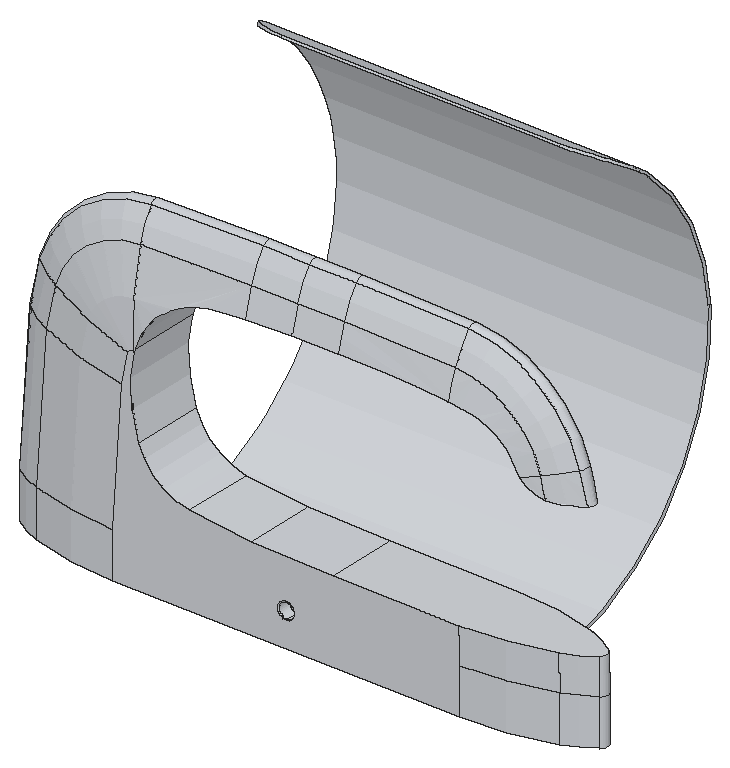
Revit family "Accessory-Tissue_Holder-KOHLER-AIRFOIL-K-37067X_1", category Specialty Equipment, host Face, Revit 2017
Family settings
  Host = Face
  Round Connector Dimension = Use Diameter
  Part Type = Normal
  OmniClass Number = 23.31.25.21
  OmniClass Title = Toilet Paper Dispensers
  Cut with Voids When Loaded = No
  Shared = No
  Room Calculation Point = No
Parameters (values of type "CP-Polished Chrome")
  Width = 7.44094"  # constant formula
  WaterSense Certified = 1 = 0  # no
  URL = "https://www.kohler.co.th/"
  Type = 1
  Product Page URL = "https://www.kohler.co.th/productDetails/37067X?skuid=37067X-CP"
  Product Name = "AIRFOIL"  # constant formula
  Product Documentation Link = ""
  Model = "K-37067X-CP"  # constant formula
  Material = "Brass construction "  # constant formula
  Master Format 2014 Name = "Toilet, Bath, and Laundry Accessories"  # constant formula
  Master Format 2014 = "10 28 00"  # constant formula
  Manufacturer Address = "16th Floor, Jasmine City Building 2, Soi Sukhumvit 23, Sukhumvit Road, Khlong Toei Nuea, Watthana, Bangkok 10110"  # constant formula
  Manufacturer = "KOHLER Co."  # constant formula
  Length = 5.94488"  # constant formula
  Height = 3.07087"  # constant formula
  Finish = Kohler-Metal-CP-Polished_Chrome
  Environmental Product Declaration = ""
  Description = "Toilet paper holder"  # constant formula
  Default Elevation = 42"
  Declare Label = ""
  Date Modified = "04/21/2021"  # constant formula
  Date Created = "04/21/2021"  # constant formula
  Copyright = "Copyright KOHLER Co."  # constant formula
  Contact Us = "https://www.kohler.co.th/contact-us"
  Assembly Code = "C1030200"
  ADA Compliant = 1 = 0  # no
Reference planes (in)
  plane 1 "Center (Front/Back)": y = 0
  plane 2: z = 0
  plane 3 "Center (Left/Right)": x = 0
  plane 4: x = 3.72047
  plane 5: x = -3.72047
  plane 6: y = 0.45276
  plane 7: y = -0.45276
  plane 8: x = -1.79134
  plane 9: z = 4.25197
  plane 10: x = 2.93307
  plane 11: y = 2.61811
  plane 12: z = 5.94488
Dimensions and locks (in)
  "Width": plane 5 to plane 4
  "Height": plane 7 to plane 11
  plane 8 to plane 10 = 4.72441"
  plane 7 to plane 6 = 0.90551"
  "Length": plane 12 to level
  plane 9 to level = 4.25197"
  aligned and locked: plane 2 to host face
  aligned and locked: level to host face
Automatic sketch dimensions
  host sketch curve to host sketch curve = 96"  (x2)
Nested families (in)
  nested 1: "K-37067X" at (0, 0, 0), type "K-37067X"
Definition of nested family "K-37067X"
  Parameters (values of type "K-37067T")
    material = none
  Reference planes (in)
    plane 1 "Center (Front/Back)": y = 0
    plane 2: z = 0
    plane 3 "Center (Left/Right)": x = 0
    plane 4: y = 0.45276
    plane 5: y = -0.45276
    plane 6: y = 2.61811
    plane 7: x = -3.72047
    plane 8: x = 3.72047
    plane 9: x = 2.93307
    plane 10: x = -1.79134
    plane 11: z = 5.94488
    plane 12: z = 4.25197
    plane 13 "A": through (0, 0.97572, 5.93084) normal (0, 0.454, 0.891)
  Forms (in)
    Sweep 1, solid, material <- "material", detail levels medium+fine
      path origin (0, 0, 0) x (1, 0, 0) y (0, 0, 1)
        loop
          line (-3.72047, 0) -> (-3.72047, 0.59055)
          arc (-3.72047, 0.59055) -> (-3.68786, 1.54703) -> (-3.59018, 2.49906) r 14.04298
          arc (-3.59018, 2.49906) -> (-3.53895, 2.79359) -> (-3.46673, 3.08369) r 4.16644
          arc (-3.46673, 3.08369) -> (-2.92663, 3.88661) -> (-2.01898, 4.22212) r 1.5748
          arc (-2.01898, 4.22212) -> (-1.30492, 4.24451) -> (-0.59055, 4.25197) r 34.19905
          line (-0.59055, 4.25197) -> (0, 4.25197) -> (0.59055, 4.25197)
          arc (0.59055, 4.25197) -> (1.30492, 4.24451) -> (2.01898, 4.22212) r 34.19905
          arc (2.01898, 4.22212) -> (2.92663, 3.88661) -> (3.46673, 3.08369) r 1.5748
          arc (3.46673, 3.08369) -> (3.53895, 2.79359) -> (3.59018, 2.49906) r 4.16644
          arc (3.59018, 2.49906) -> (3.68786, 1.54703) -> (3.72047, 0.59055) r 14.04298
          line (3.72047, 0.59055) -> (3.72047, 0)
      profile origin (-3.72047, 0, 0) x (-1, 0, 0) y (0, -1, 0)
        loop
          line (-1.55512, -0.45276) -> (-1.5169, -0.45276)
          arc (-1.5169, -0.45276) -> (-0.95166, -0.40594) -> (-0.40183, -0.26677) r 3.4357
          arc (-0.40183, -0.26677) -> (-0.21209, -0.18474) -> (-0.03731, -0.07437) r 1.3339
          arc (-0.03731, -0.07437) -> (0, 0) -> (-0.03731, 0.07437) r 0.09277
          arc (-0.03731, 0.07437) -> (-0.21209, 0.18474) -> (-0.40183, 0.26677) r 1.3339
          arc (-0.40183, 0.26677) -> (-0.95166, 0.40594) -> (-1.5169, 0.45276) r 3.4357
          line (-1.5169, 0.45276) -> (-1.55512, 0.45276) -> (-1.55512, -0.45276)
    Extrusion 2, solid, material <- "material", detail levels medium+fine
      sketch origin (0, 0, 0) x (1, 0, 0) y (0, 0, 1)
        loop
          line (-2.17717, 0) -> (2.17717, 0) -> (2.17717, 0.59055)
          arc (2.17717, 0.59055) -> (2.14814, 1.44191) -> (2.06119, 2.28932) r 12.49967
          arc (2.06119, 2.28932) -> (2.02657, 2.48587) -> (1.9771, 2.67921) r 2.62314
          arc (1.9771, 2.67921) -> (1.28398, 2.7013) -> (0.59055, 2.70866) r 32.65575
          line (0.59055, 2.70866) -> (-0.59055, 2.70866)
          arc (-0.59055, 2.70866) -> (-1.28398, 2.7013) -> (-1.9771, 2.67921) r 32.65575
          arc (-1.9771, 2.67921) -> (-2.02657, 2.48587) -> (-2.06119, 2.28932) r 2.62314
          arc (-2.06119, 2.28932) -> (-2.14814, 1.44191) -> (-2.17717, 0.59055) r 12.49967
          line (-2.17717, 0.59055) -> (-2.17717, 0)
      from -0.45276 to 0.45276
    Extrusion 3, void
      sketch origin (0, 0, 0) x (1, 0, 0) y (0, 0, 1)
        loop
          line (4.11417, 1.04064) -> (4.11417, 2.69419) -> (3.29264, 2.69419)
          arc (3.29264, 2.69419) -> (3.01754, 2.77464) -> (2.82913, 2.99065) r 0.51058
          arc (2.82913, 2.99065) -> (2.57455, 3.30199) -> (2.20106, 3.45115) r 0.80429
          arc (2.20106, 3.45115) -> (1.70764, 3.49912) -> (1.21222, 3.51707) r 8.16963
          arc (1.21222, 3.51707) -> (0.89593, 3.52002) -> (0.57967, 3.52515) r 45.80899
          arc (0.57967, 3.52515) -> (-0.23458, 3.51945) -> (-1.04737, 3.47033) r 15.2597
          arc (-1.04737, 3.47033) -> (-1.59207, 3.24579) -> (-1.91094, 2.75037) r 0.98425
          arc (-1.91094, 2.75037) -> (-1.97299, 2.21739) -> (-1.87264, 1.69027) r 1.77165
          arc (-1.87264, 1.69027) -> (-1.62832, 1.33385) -> (-1.23892, 1.14652) r 0.83806
          arc (-1.23892, 1.14652) -> (-0.84772, 1.08763) -> (-0.45317, 1.0588) r 5.17583
          arc (-0.45317, 1.0588) -> (0.06946, 1.04518) -> (0.59224, 1.04064) r 30.10988
          line (0.59224, 1.04064) -> (4.11417, 1.04064)
      from -0.81445 to 1.17869
    Revolve 4, void
      sketch origin (0, 0, 0) x (0, 1, 0) y (0, 0, 1)
        loop
          line (-0.28687, 0.43307) -> (-0.28687, 0.53031) -> (-0.44102, 0.53031) -> (-0.47494, 0.56423) -> (-0.47494, 0.43307) -> (-0.28687, 0.43307)
        axis (-0.28687, 0.43307) -> (-0.47494, 0.43307)
      angle from 0 to 360
    Extrusion 5, void
      sketch origin (0, 0, 0) x (1, 0, 0) y (0, 0, 1)
        loop
          line (0.03409, 0.49213) -> (-0.03411, 0.49213) -> (-0.0682, 0.43307) -> (-0.03411, 0.37402) -> (0.03409, 0.37402) -> (0.06818, 0.43307) -> (0.03409, 0.49213)
      from 0.27569 to 0.45276
    Extrusion 6, solid, material <- "material", detail levels medium+fine
      sketch origin (0, 0, 0) x (0, 1, 0) y (0, 0, 1)
        loop
          arc (0.37069, 0.67741) -> (2.59973, 3.08767) -> (0.98288, 5.94488) r 2.78371
          line (0.98288, 5.94488) -> (0.96856, 5.91679)
          arc (0.96856, 5.91679) -> (2.56888, 3.09509) -> (0.37069, 0.70952) r 2.75222
          line (0.37069, 0.70952) -> (0.37069, 0.67741)
      from -1.79134 to 2.93307
    Extrusion 7, void
      sketch origin (0, 2.60018, 5.10313) x (0, 0.891007, -0.45399) y (-1, 0, 0)
        loop
          line (-1.82317, -2.17849) -> (-2.15746, -2.17849) -> (-2.15746, -3.28573) -> (-1.08899, -3.28573) -> (-1.08899, -2.93307) -> (-1.23262, -2.93307)
          arc (-1.23262, -2.93307) -> (-1.6502, -2.7601) -> (-1.82317, -2.34252) r 0.59055
          line (-1.82317, -2.34252) -> (-1.82317, -2.17849)
        loop
          line (-1.82317, 1.03676) -> (-1.82317, 1.20079)
          arc (-1.82317, 1.20079) -> (-1.6502, 1.61837) -> (-1.23262, 1.79134) r 0.59055
          line (-1.23262, 1.79134) -> (-1.08899, 1.79134) -> (-1.08899, 2.144) -> (-2.15746, 2.144) -> (-2.15746, 1.03676) -> (-1.82317, 1.03676)
      from -1.2224 to 1.17856
    Extrusion 8, solid, material <- "material", detail levels coarse
      sketch origin (8.99814, 0, 2.50465) x (1, 0, 0) y (0, 1, 0)
        loop
          line (-12.71862, 0.45276) -> (-12.71862, -0.45276) -> (-5.27767, -0.45276) -> (-5.27767, 0.45276) -> (-12.71862, 0.45276)
      from -2.50465 to 1.74732
    Extrusion 9, solid, material <- "material", detail levels coarse
      sketch origin (0, 0, 0) x (0, 1, 0) y (0, 0, 1)
        loop
          arc (0.35553, 0.67448) -> (2.59882, 3.08) -> (0.98288, 5.94488) r 2.78371
          line (0.98288, 5.94488) -> (0.92326, 5.88526)
          arc (0.92326, 5.88526) -> (2.52319, 3.11152) -> (0.35553, 0.75468) r 2.70497
          line (0.35553, 0.75468) -> (0.35553, 0.67448)
      from -1.79134 to 2.93307
  Cuts and joins
    Extrusion 3, Revolve 4, Extrusion 5 cuts Sweep 1
    Extrusion 3, Revolve 4, Extrusion 5 cuts Extrusion 2
    Extrusion 7 cuts Extrusion 6
    joined: Sweep 1, Extrusion 2, Extrusion 6
    Extrusion 3 cuts Extrusion 8
    joined: Extrusion 8, Extrusion 9
  Lines and regions (in)
    Masking region 1
      outline origin (8.99814, 0, 2.50465) x (1, 0, 0) y (0, 1, 0)
        loop
          arc (-10.78948, 0.43157) -> (-11.03387, 0.41677) -> (-11.27799, 0.39809) r 15.38121
          arc (-11.27799, 0.39809) -> (-11.67785, 0.35906) -> (-12.07657, 0.30967) r 15.48483
          arc (-12.07657, 0.30967) -> (-12.34356, 0.24938) -> (-12.59632, 0.14434) r 1.59564
          arc (-12.59632, 0.14434) -> (-12.65632, 0.10267) -> (-12.70388, 0.04724) r 0.2877
          arc (-12.70388, 0.04724) -> (-12.71945, 0) -> (-12.70388, -0.04724) r 0.07946
          arc (-12.70388, -0.04724) -> (-12.65632, -0.10267) -> (-12.59632, -0.14434) r 0.2877
          arc (-12.59632, -0.14434) -> (-12.34356, -0.24938) -> (-12.07657, -0.30967) r 1.59564
          arc (-12.07657, -0.30967) -> (-11.67785, -0.35906) -> (-11.27799, -0.39809) r 15.48483
          arc (-11.27799, -0.39809) -> (-10.63077, -0.43908) -> (-9.98239, -0.45276) r 15.38121
          line (-9.98239, -0.45276) -> (-8.01389, -0.45276)
          arc (-8.01389, -0.45276) -> (-7.36552, -0.43908) -> (-6.7183, -0.39809) r 15.38121
          arc (-6.7183, -0.39809) -> (-6.31843, -0.35906) -> (-5.91971, -0.30967) r 15.48483
          arc (-5.91971, -0.30967) -> (-5.65272, -0.24938) -> (-5.39997, -0.14434) r 1.59564
          arc (-5.39997, -0.14434) -> (-5.33997, -0.10267) -> (-5.2924, -0.04724) r 0.2877
          arc (-5.2924, -0.04724) -> (-5.27683, 0) -> (-5.2924, 0.04724) r 0.07946
          arc (-5.2924, 0.04724) -> (-5.33997, 0.10267) -> (-5.39997, 0.14434) r 0.2877
          arc (-5.39997, 0.14434) -> (-5.65272, 0.24938) -> (-5.91971, 0.30967) r 1.59564
          arc (-5.91971, 0.30967) -> (-5.99237, 0.31945) -> (-6.06507, 0.32889) r 15.48483
          line (-6.06507, 0.32889) -> (-6.06507, 2.61811) -> (-10.78948, 2.61811) -> (-10.78948, 0.43157)
    Masking region 2
      outline origin (0, 0, 0) x (1, 0, 0) y (0, 0, 1)
        loop
          line (-3.72047, 0) -> (3.72047, 0) -> (3.72047, 0.59055)
          arc (3.72047, 0.59055) -> (3.71917, 0.78145) -> (3.71528, 0.97231) r 14.04298
          arc (3.71528, 0.97231) -> (3.69962, 1.02019) -> (3.65358, 1.04064) r 0.06203
          line (3.65358, 1.04064) -> (2.93307, 1.04064) -> (2.93307, 2.84191)
          arc (2.93307, 2.84191) -> (3.09828, 2.73256) -> (3.29264, 2.69419) r 0.51149
          line (3.29264, 2.69419) -> (3.49556, 2.69419)
          arc (3.49556, 2.69419) -> (3.5275, 2.70115) -> (3.55365, 2.72078) r 0.07674
          arc (3.55365, 2.72078) -> (3.46281, 3.09725) -> (3.33742, 3.46365) r 4.16644
          arc (3.33742, 3.46365) -> (3.17242, 3.75329) -> (2.93307, 3.98529) r 1.1811
          line (2.93307, 3.98529) -> (2.93307, 5.64495)
          spline (2.93307, 5.64495) -> (2.92802, 5.69046) -> (2.91315, 5.73299) -> (2.88854, 5.77239) -> (2.8545, 5.80837) -> (2.81168, 5.8405) -> (2.76074, 5.86838) -> (2.70261, 5.8919) -> (2.63832, 5.91108) -> (2.56885, 5.92593) -> (2.49555, 5.93648) -> (2.42003, 5.94276) -> (2.34252, 5.94488)
          line (2.34252, 5.94488) -> (2.17849, 5.94488) -> (-1.03676, 5.94488) -> (-1.20079, 5.94488)
          spline (-1.20079, 5.94488) -> (-1.27855, 5.94274) -> (-1.35412, 5.93645) -> (-1.42704, 5.92592) -> (-1.49642, 5.91108) -> (-1.56086, 5.8919) -> (-1.61903, 5.86836) -> (-1.66994, 5.84052) -> (-1.71279, 5.80848) -> (-1.74684, 5.77243) -> (-1.77149, 5.73281) -> (-1.78634, 5.69032) -> (-1.79134, 5.64495)
          line (-1.79134, 5.64495) -> (-1.79134, 4.23088)
          arc (-1.79134, 4.23088) -> (-2.04465, 4.22104) -> (-2.29789, 4.20932) r 34.19905
          arc (-2.29789, 4.20932) -> (-2.92735, 3.98942) -> (-3.33742, 3.46365) r 1.1811
          arc (-3.33742, 3.46365) -> (-3.49276, 2.98895) -> (-3.59018, 2.49906) r 4.16644
          arc (-3.59018, 2.49906) -> (-3.68786, 1.54703) -> (-3.72047, 0.59055) r 14.04298
          line (-3.72047, 0.59055) -> (-3.72047, 0)
        loop
          arc (-1.79134, 3.01954) -> (-1.86126, 2.88946) -> (-1.91094, 2.75037) r 0.98425
          arc (-1.91094, 2.75037) -> (-1.97299, 2.21739) -> (-1.87264, 1.69027) r 1.77165
          arc (-1.87264, 1.69027) -> (-1.83666, 1.60418) -> (-1.79134, 1.52263) r 0.83806
          line (-1.79134, 1.52263) -> (-1.79134, 3.01954)
    Masking region 3
      outline origin (0, 0, 0) x (0, 1, 0) y (0, 0, 1)
        loop
          line (0.45276, 0) -> (0.45276, 0.69481)
          arc (0.45276, 0.69481) -> (2.60425, 3.12936) -> (0.98288, 5.94488) r 2.78371
          line (0.98288, 5.94488) -> (0.96988, 5.91619)
          arc (0.96988, 5.91619) -> (2.57516, 3.15578) -> (0.49123, 0.73628) r 2.75222
          arc (0.49123, 0.73628) -> (0.46465, 0.742) -> (0.45276, 0.76644) r 0.03106
          line (0.45276, 0.76644) -> (0.45276, 0.98425)
          arc (0.45276, 0.98425) -> (0.44181, 1.06598) -> (0.43649, 1.14826) r 1.20521
          arc (0.43649, 1.14826) -> (0.40034, 2.1464) -> (0.35271, 3.14405) r 86.77524
          arc (0.35271, 3.14405) -> (0.33378, 3.36511) -> (0.30076, 3.5845) r 3.46989
          arc (0.30076, 3.5845) -> (0.24275, 3.83553) -> (0.16203, 4.08021) r 2.81658
          arc (0.16203, 4.08021) -> (0.11676, 4.16361) -> (0.05201, 4.23298) r 0.3751
          arc (0.05201, 4.23298) -> (-0.00061, 4.25197) -> (-0.05322, 4.23298) r 0.08236
          arc (-0.05322, 4.23298) -> (-0.11757, 4.16368) -> (-0.16203, 4.08021) r 0.36629
          arc (-0.16203, 4.08021) -> (-0.24275, 3.83553) -> (-0.30076, 3.5845) r 2.81658
          arc (-0.30076, 3.5845) -> (-0.33378, 3.36511) -> (-0.35271, 3.14405) r 3.46989
          arc (-0.35271, 3.14405) -> (-0.40034, 2.1464) -> (-0.43649, 1.14826) r 86.77524
          arc (-0.43649, 1.14826) -> (-0.44181, 1.06598) -> (-0.45276, 0.98425) r 1.20521
          line (-0.45276, 0.98425) -> (-0.45276, 0) -> (0.45276, 0)
    symbolic lines, detail levels medium+fine
      curve 1: line (-1.79134, 1.49284, 2.50465) -> (-1.20079, 0.98288, 2.50465)
      curve 2: line (-1.20079, 0.96856, 2.50465) -> (-1.79134, 1.47834, 2.50465)
      curve 3: line (2.34252, 0.98288, 2.50465) -> (-1.20079, 0.98288, 2.50465)
      curve 4: line (-1.20079, 0.96856, 2.50465) -> (2.34252, 0.96856, 2.50465)
      curve 5: line (2.93307, 1.49284, 2.50465) -> (2.34252, 0.98288, 2.50465)
      curve 6: line (2.34252, 0.96856, 2.50465) -> (2.93307, 1.47834, 2.50465)
      curve 7: arc (3.52071, -0.07435, 2.50465) -> (3.55865, 0, 2.50465) -> (3.52071, 0.07435, 2.50465) r 0.09182
      curve 8: arc (3.52071, 0.07435, 2.50465) -> (3.34335, 0.17714, 2.50465) -> (3.14887, 0.24192, 2.50465) r 1.00801
      curve 9: arc (3.14887, 0.24192, 2.50465) -> (3.01799, 0.26537, 2.50465) -> (2.88559, 0.27765, 2.50465) r 1.56773
      curve 10: arc (2.88559, 0.27765, 2.50465) -> (2.15993, 0.30129, 2.50465) -> (1.43388, 0.29959, 2.50465) r 20.8056
      curve 11: arc (1.43388, 0.29959, 2.50465) -> (0.19617, 0.28877, 2.50465) -> (-1.04149, 0.30526, 2.50465) r 56.0853
      curve 12: arc (-1.04149, 0.30526, 2.50465) -> (-1.38393, 0.31892, 2.50465) -> (-1.72578, 0.34319, 2.50465) r 11.04945
      curve 13: arc (-1.72578, 0.34319, 2.50465) -> (-1.87154, 0.36033, 2.50465) -> (-2.01598, 0.38638, 2.50465) r 2.39277
      curve 14: arc (-2.01598, 0.38638, 2.50465) -> (-2.03441, 0.39694, 2.50465) -> (-2.04323, 0.41626, 2.50465) r 0.03468
      curve 15: arc (3.52076, -0.07431, 2.50465) -> (3.34338, -0.17713, 2.50465) -> (3.14887, -0.24192, 2.50465) r 1.00801
      curve 16: arc (3.14887, -0.24192, 2.50465) -> (3.01799, -0.26537, 2.50465) -> (2.88559, -0.27765, 2.50465) r 1.56773
      curve 17: arc (2.88559, -0.27765, 2.50465) -> (2.15993, -0.30129, 2.50465) -> (1.43388, -0.29959, 2.50465) r 20.8056
      curve 18: arc (1.43388, -0.29959, 2.50465) -> (0.19617, -0.28877, 2.50465) -> (-1.04149, -0.30526, 2.50465) r 56.0853
      curve 19: arc (-1.04149, -0.30526, 2.50465) -> (-1.38393, -0.31892, 2.50465) -> (-1.72578, -0.34319, 2.50465) r 11.04945
      curve 20: arc (-1.72578, -0.34319, 2.50465) -> (-1.87154, -0.36033, 2.50465) -> (-2.01598, -0.38638, 2.50465) r 2.39277
      curve 21: arc (-2.01598, -0.38638, 2.50465) -> (-2.03441, -0.39694, 2.50465) -> (-2.04323, -0.41626, 2.50465) r 0.03468
      curve 22: line (-0.98425, 0.45276, 2.50465) -> (0.98425, 0.45276, 2.50465)
      curve 23: arc (0.98425, 0.45276, 2.50465) -> (1.63262, 0.43908, 2.50465) -> (2.27984, 0.39809, 2.50465) r 15.38121
      curve 24: arc (2.27984, 0.39809, 2.50465) -> (2.60682, 0.36696, 2.50465) -> (2.93307, 0.32889, 2.50465) r 15.48483
      curve 25: arc (-1.79134, 0.43157, 2.50465) -> (-1.38793, 0.44746, 2.50465) -> (-0.98425, 0.45276, 2.50465) r 15.38121
      curve 26: line (2.93307, 0, 2.84228) -> (2.93307, 0, 3.98529)
      curve 27: line (-1.79134, 0, 3.01954) -> (-1.79134, 0, 4.23088)
      curve 28: line (-1.79134, 0, 0.69481) -> (2.20314, 0, 0.69481)
      curve 29: spline (2.20314, 0, 0.69481) -> (2.26445, 0, 0.69452) -> (2.32574, 0, 0.69402) -> (2.38699, 0, 0.69333) -> (2.44818, 0, 0.69244) -> (2.50929, 0, 0.69134) -> (2.57029, 0, 0.69005) -> (2.63118, 0, 0.68856) -> (2.69192, 0, 0.68687) -> (2.7525, 0, 0.68498) -> (2.8129, 0, 0.6829) -> (2.8731, 0, 0.68061) -> (2.93307, 0, 0.67814)
      curve 30: line (2.93307, 0, 1.04064) -> (2.93307, 0, 0.67814)
      curve 31: line (-1.79134, 0, 1.52263) -> (-1.79134, 0, 0.69481)
      curve 32: line (-3.70574, 0.04724, 2.50465) -> (3.54556, 0.04724, 2.50465)
      curve 33: line (-3.70574, -0.04724, 2.50465) -> (3.54556, -0.04724, 2.50465)
      curve 34: line (0, 0.45276, 0.69481) -> (0, 0.45276, 0.76644)
      curve 35: line (0, 0.05201, 4.23298) -> (0, 0.05201, 0)
      curve 36: line (0, -0.05201, 4.23298) -> (0, -0.05201, 0)
      curve 37: line (3.65358, 0, 1.04064) -> (2.93307, 0, 1.04064)
      curve 38: line (3.71132, 0, 1.00127) -> (2.93307, 0, 1.00127)
      curve 39: arc (-1.90975, 0, 1.67713) -> (-1.85871, 0, 1.56056) -> (-1.79134, 0, 1.4526) r 0.87743
      curve 40: arc (-1.9489, 0, 2.76079) -> (-2.01234, 0, 2.21596) -> (-1.90975, 0, 1.67713) r 1.81102
      curve 41: arc (-1.79134, 0, 3.08953) -> (-1.88487, 0, 2.93223) -> (-1.9489, 0, 2.76079) r 1.02362
      curve 42: arc (3.29264, 0, 2.73356) -> (3.09448, 0, 2.77725) -> (2.93307, 0, 2.90023) r 0.47121
      curve 43: line (3.29264, 0, 2.73356) -> (3.49556, 0, 2.73356)
      curve 44: arc (3.49556, 0, 2.73356) -> (3.52538, 0, 2.74302) -> (3.54429, 0, 2.76793) r 0.05172
  Dimensions and locks (in)
    plane 4 to plane 5 = 0.90551"
    plane 6 to plane 5 = 3.07087"
    plane 7 to plane 8 = 7.44094"
    plane 10 to plane 9 = 4.72441"
    plane 12 to level = 4.25197"
    plane 11 to level = 5.94488"
    aligned and locked: plane 2 to level
